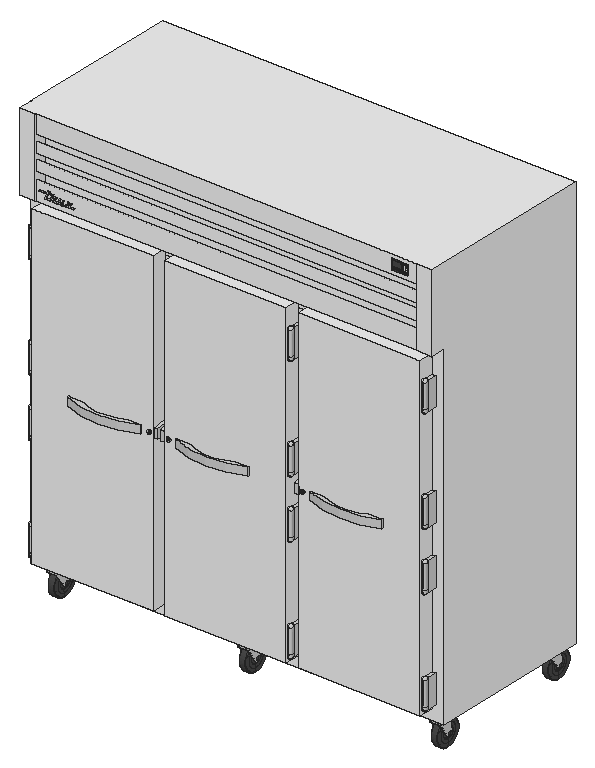
Revit family (continued)
Dimensions and locks (in)
  locked: cut or joined group of Extrusion 1, Extrusion 2, Extrusion 3, Extrusion 4, Extrusion 5 to cut or joined group of Extrusion 1, Extrusion 2, Extrusion 3, Extrusion 4, Extrusion 5 at 2.8125
  locked: cut or joined group of Extrusion 1, Extrusion 2, Extrusion 3, Extrusion 4, Extrusion 5 to cut or joined group of Extrusion 1, Extrusion 2, Extrusion 3, Extrusion 4, Extrusion 5 at 2.96875
  equal spacing: plane 3 "LEFT", plane 9, plane 4 "RIGHT"
  Extrusion 21 to plane 3 "LEFT" = 2 9/32"
  plane 4 "RIGHT" to Extrusion 21 = 2 9/32"
  Extrusion 21 to Extrusion 21 = 22 15/16"  (x3)
  Extrusion 71 to Extrusion 21 = 29 7/32"
  Extrusion 21 to Extrusion 71 = 29 7/32"
  Extrusion 21 to Extrusion 88 = 29 7/32"
  Extrusion 88 to Extrusion 21 = 29 7/32"
  Extrusion 21 to Extrusion 89 = 29 7/32"
  Extrusion 89 to Extrusion 21 = 29 7/32"
  Extrusion 74 to Extrusion 74 = 59.93995"
  aligned and locked: level to plane 2
Automatic sketch dimensions
  Extrusion 3 sketch curve to plane 8 = 0"  (x4)
  Extrusion 3 sketch curve to plane 6 "TOP" = 0"
  plane 8 to Extrusion 3 sketch curve = 2.2042"
  Extrusion 3 sketch curve to Extrusion 3 sketch curve = 0"  (x2)
  Extrusion 3 sketch curve to plane 7 = 0"
  plane 8 to Extrusion 3 sketch curve = 2.7042"
  Extrusion 3 sketch curve to Extrusion 3 sketch curve = 1/2"
  plane 1 "BACK" to Extrusion 3 sketch curve = 2"
  plane 1 "BACK" to Extrusion 3 sketch curve = 0"
  plane 7 to Extrusion 3 sketch curve = 3.86127"
  Extrusion 3 sketch curve to plane 6 "TOP" = 17 5/32"
  Extrusion 3 sketch curve to Extrusion 3 sketch curve = 2 17/32"
  Extrusion 3 sketch curve to Extrusion 3 sketch curve = 2 1/8"
  Extrusion 3 sketch curve to Extrusion 3 sketch curve = 1.27557"  (x2)
  Extrusion 3 sketch curve to Extrusion 3 sketch curve = 0.29169"
  Extrusion 3 sketch curve to Extrusion 3 sketch curve = 2.0962"  (x2)
  Extrusion 3 sketch curve to Extrusion 3 sketch curve = 0.96076"  (x2)
  Extrusion 3 sketch curve to Extrusion 3 sketch curve = 2.13371"  (x2)
  Extrusion 3 sketch curve to Extrusion 3 sketch curve = 1.12227"  (x2)
  Extrusion 7 sketch curve to plane 7 = 0.63926"  (x2)
  Extrusion 7 sketch curve to plane 5 "FRONT" = 3.79864"
  Extrusion 7 sketch curve to Extrusion 7 sketch curve = 1/4"  (x2)
  level to Extrusion 7 sketch curve = 2.18736"  (x2)
  Extrusion 7 sketch curve to Extrusion 7 sketch curve = 1.7492"
  Extrusion 7 sketch curve to Extrusion 7 sketch curve = 0.50669"  (x2)
  Extrusion 7 sketch curve to Extrusion 7 sketch curve = 2 1/2"
  level to Extrusion 7 sketch curve = 2.59003"
  Extrusion 7 sketch curve to Extrusion 7 sketch curve = 0.59966"  (x2)
  plane 1 "BACK" to Extrusion 7 sketch curve = 3.8577"
  plane 1 "BACK" to Extrusion 7 sketch curve = 1.8585"
  plane 1 "BACK" to Extrusion 7 sketch curve = 1.1077"
  Extrusion 7 sketch curve to Extrusion 7 sketch curve = 0.32905"
  Extrusion 7 sketch curve to Extrusion 7 sketch curve = 0.60485"  (x2)
  Extrusion 8 sketch curve to plane 7 = 0.63926"  (x2)
  Extrusion 8 sketch curve to plane 5 "FRONT" = 3.79864"
  Extrusion 8 sketch curve to Extrusion 8 sketch curve = 1/4"  (x2)
  level to Extrusion 8 sketch curve = 2.18736"  (x2)
  Extrusion 8 sketch curve to Extrusion 8 sketch curve = 1.7492"
  Extrusion 8 sketch curve to Extrusion 8 sketch curve = 0.50669"  (x2)
  Extrusion 8 sketch curve to Extrusion 8 sketch curve = 2 1/2"
  level to Extrusion 8 sketch curve = 2.59003"
  Extrusion 8 sketch curve to Extrusion 8 sketch curve = 0.59966"  (x2)
  plane 1 "BACK" to Extrusion 8 sketch curve = 3.8577"
  plane 1 "BACK" to Extrusion 8 sketch curve = 1.8585"
  plane 1 "BACK" to Extrusion 8 sketch curve = 1.1077"
  Extrusion 8 sketch curve to Extrusion 8 sketch curve = 0.32905"
  Extrusion 8 sketch curve to Extrusion 8 sketch curve = 0.60485"  (x2)
  Extrusion 11 sketch curve to plane 7 = 0.63926"  (x2)
  Extrusion 11 sketch curve to plane 5 "FRONT" = 3.79864"
  Extrusion 11 sketch curve to Extrusion 11 sketch curve = 1/4"  (x2)
  Extrusion 11 sketch curve to Extrusion 11 sketch curve = 2 1/2"
  Extrusion 11 sketch curve to plane 7 = 0.93273"  (x2)
  Extrusion 11 sketch curve to Extrusion 11 sketch curve = 0.03603"
  plane 1 "BACK" to Extrusion 11 sketch curve = 3.8577"
  Extrusion 11 sketch curve to plane 7 = 1.24411"
  plane 1 "BACK" to Extrusion 11 sketch curve = 1.1077"
  Extrusion 13 sketch curve to plane 7 = 0.63926"  (x2)
  Extrusion 13 sketch curve to plane 5 "FRONT" = 3.79864"
  Extrusion 13 sketch curve to Extrusion 13 sketch curve = 1/4"  (x2)
  level to Extrusion 13 sketch curve = 2.18736"  (x2)
  Extrusion 13 sketch curve to Extrusion 13 sketch curve = 1.7492"
  Extrusion 13 sketch curve to Extrusion 13 sketch curve = 0.50669"  (x2)
  Extrusion 13 sketch curve to Extrusion 13 sketch curve = 2 1/2"
  level to Extrusion 13 sketch curve = 2.59003"
  Extrusion 13 sketch curve to Extrusion 13 sketch curve = 0.59966"  (x2)
  plane 1 "BACK" to Extrusion 13 sketch curve = 3.8577"
  plane 1 "BACK" to Extrusion 13 sketch curve = 1.8585"
  plane 1 "BACK" to Extrusion 13 sketch curve = 1.1077"
  Extrusion 13 sketch curve to Extrusion 13 sketch curve = 0.32905"
  Extrusion 13 sketch curve to Extrusion 13 sketch curve = 0.60485"  (x2)
  Extrusion 14 sketch curve to plane 7 = 0.63926"  (x2)
  Extrusion 14 sketch curve to plane 5 "FRONT" = 3.79864"
  Extrusion 14 sketch curve to Extrusion 14 sketch curve = 1/4"  (x2)
  level to Extrusion 14 sketch curve = 2.18736"  (x2)
  Extrusion 14 sketch curve to Extrusion 14 sketch curve = 1.7492"
  Extrusion 14 sketch curve to Extrusion 14 sketch curve = 0.50669"  (x2)
  Extrusion 14 sketch curve to Extrusion 14 sketch curve = 2 1/2"
  level to Extrusion 14 sketch curve = 2.59003"
  Extrusion 14 sketch curve to Extrusion 14 sketch curve = 0.59966"  (x2)
  plane 1 "BACK" to Extrusion 14 sketch curve = 3.8577"
  plane 1 "BACK" to Extrusion 14 sketch curve = 1.8585"
  plane 1 "BACK" to Extrusion 14 sketch curve = 1.1077"
  Extrusion 14 sketch curve to Extrusion 14 sketch curve = 0.32905"
  Extrusion 14 sketch curve to Extrusion 14 sketch curve = 0.60485"  (x2)
  Extrusion 17 sketch curve to plane 7 = 0.63926"  (x2)
  Extrusion 17 sketch curve to plane 5 "FRONT" = 3.79864"
  Extrusion 17 sketch curve to Extrusion 17 sketch curve = 1/4"  (x2)
  Extrusion 17 sketch curve to Extrusion 17 sketch curve = 2 1/2"
  Extrusion 17 sketch curve to plane 7 = 0.93273"  (x2)
  Extrusion 17 sketch curve to Extrusion 17 sketch curve = 0.03603"
  plane 1 "BACK" to Extrusion 17 sketch curve = 3.8577"
  Extrusion 17 sketch curve to plane 7 = 1.24411"
  plane 1 "BACK" to Extrusion 17 sketch curve = 1.1077"
  Extrusion 23 sketch curve to plane 5 "FRONT" = 1/2"
  Extrusion 23 sketch curve to Extrusion 23 sketch curve = 0.43503"
  Extrusion 23 sketch curve to Extrusion 23 sketch curve = 0.20453"
  Extrusion 23 sketch curve to Extrusion 23 sketch curve = 1.61044"
  Extrusion 23 sketch curve to plane 6 "TOP" = 24.88873"
  Extrusion 23 sketch curve to Extrusion 23 sketch curve = 0.71221"
  Extrusion 23 sketch curve to Extrusion 23 sketch curve = 4.39928"
  Revolve 24 sketch curve to plane 5 "FRONT" = 0.07771"  (x2)
  Revolve 24 sketch curve to Revolve 24 sketch curve = 0.38242"
  Revolve 24 sketch curve to Revolve 24 sketch curve = 0.38436"
  Revolve 24 sketch curve to plane 5 "FRONT" = 31/64"
  Revolve 24 sketch curve to Revolve 24 sketch curve = 0.40666"
  Revolve 24 sketch curve to Revolve 24 sketch curve = 0"
  Revolve 24 sketch curve to plane 6 "TOP" = 25.07719"
  Revolve 24 sketch curve to Revolve 24 sketch curve = 0.32931"
  Revolve 24 sketch curve to Revolve 24 sketch curve = 0.51246"
  Revolve 24 sketch curve to Revolve 24 sketch curve = 0.05342"
  Revolve 24 sketch curve to Revolve 24 sketch curve = 4.42889"
  Revolve 24 sketch curve to Revolve 24 sketch curve = 0.04281"
  Revolve 24 sketch curve to Revolve 24 sketch curve = 0.18929"
  Revolve 24 sketch curve to Revolve 24 sketch curve = 0.55526"
  Extrusion 26 sketch curve to plane 5 "FRONT" = 1/2"
  Extrusion 26 sketch curve to Extrusion 26 sketch curve = 0.43503"
  Extrusion 26 sketch curve to Extrusion 26 sketch curve = 0.20453"
  Extrusion 26 sketch curve to Extrusion 26 sketch curve = 1.61044"
  plane 7 to Extrusion 26 sketch curve = 33.61127"
  Extrusion 26 sketch curve to Extrusion 26 sketch curve = 0.71221"
  Extrusion 26 sketch curve to Extrusion 26 sketch curve = 4.39928"
  Revolve 27 sketch curve to plane 5 "FRONT" = 0.07771"  (x2)
  Revolve 27 sketch curve to Revolve 27 sketch curve = 0.38242"
  Revolve 27 sketch curve to Revolve 27 sketch curve = 0.38436"
  Revolve 27 sketch curve to plane 5 "FRONT" = 31/64"
  Revolve 27 sketch curve to Revolve 27 sketch curve = 0.40666"
  Revolve 27 sketch curve to Revolve 27 sketch curve = 0"
  plane 7 to Revolve 27 sketch curve = 33.42281"
  Revolve 27 sketch curve to Revolve 27 sketch curve = 0.32931"
  Revolve 27 sketch curve to Revolve 27 sketch curve = 0.51246"
  Revolve 27 sketch curve to Revolve 27 sketch curve = 0.05342"
  Revolve 27 sketch curve to Revolve 27 sketch curve = 4.42889"
  Revolve 27 sketch curve to Revolve 27 sketch curve = 0.04281"
  Revolve 27 sketch curve to Revolve 27 sketch curve = 0.18929"
  Revolve 27 sketch curve to Revolve 27 sketch curve = 0.55526"
  Extrusion 29 sketch curve to plane 5 "FRONT" = 1/2"
  Extrusion 29 sketch curve to Extrusion 29 sketch curve = 0.43503"
  Extrusion 29 sketch curve to Extrusion 29 sketch curve = 0.20453"
  Extrusion 29 sketch curve to Extrusion 29 sketch curve = 1.61044"
  plane 7 to Extrusion 29 sketch curve = 22.61127"
  Extrusion 29 sketch curve to Extrusion 29 sketch curve = 0.71221"
  Extrusion 29 sketch curve to Extrusion 29 sketch curve = 4.39928"
  Revolve 30 sketch curve to plane 5 "FRONT" = 0.07771"  (x2)
  Revolve 30 sketch curve to Revolve 30 sketch curve = 0.38242"
  Revolve 30 sketch curve to Revolve 30 sketch curve = 0.38436"
  Revolve 30 sketch curve to plane 5 "FRONT" = 31/64"
  Revolve 30 sketch curve to Revolve 30 sketch curve = 0.40666"
  Revolve 30 sketch curve to Revolve 30 sketch curve = 0"
  plane 7 to Revolve 30 sketch curve = 22.42281"
  Revolve 30 sketch curve to Revolve 30 sketch curve = 0.32931"
  Revolve 30 sketch curve to Revolve 30 sketch curve = 0.51246"
  Revolve 30 sketch curve to Revolve 30 sketch curve = 0.05342"
  Revolve 30 sketch curve to Revolve 30 sketch curve = 4.42889"
  Revolve 30 sketch curve to Revolve 30 sketch curve = 0.04281"
  Revolve 30 sketch curve to Revolve 30 sketch curve = 0.18929"
  Revolve 30 sketch curve to Revolve 30 sketch curve = 0.55526"
  Extrusion 32 sketch curve to plane 5 "FRONT" = 1/2"
  Extrusion 32 sketch curve to Extrusion 32 sketch curve = 0.43503"
  Extrusion 32 sketch curve to Extrusion 32 sketch curve = 0.20453"
  Extrusion 32 sketch curve to Extrusion 32 sketch curve = 1.61044"
  plane 7 to Extrusion 32 sketch curve = 2.86127"
  Extrusion 32 sketch curve to Extrusion 32 sketch curve = 0.71221"
  Extrusion 32 sketch curve to Extrusion 32 sketch curve = 4.39928"
  Revolve 33 sketch curve to plane 5 "FRONT" = 0.07771"  (x2)
  Revolve 33 sketch curve to Revolve 33 sketch curve = 0.38242"
  Revolve 33 sketch curve to Revolve 33 sketch curve = 0.38436"
  Revolve 33 sketch curve to plane 5 "FRONT" = 31/64"
  Revolve 33 sketch curve to Revolve 33 sketch curve = 0.40666"
  Revolve 33 sketch curve to Revolve 33 sketch curve = 0"
  plane 7 to Revolve 33 sketch curve = 2.67281"
  Revolve 33 sketch curve to Revolve 33 sketch curve = 0.32931"
  Revolve 33 sketch curve to Revolve 33 sketch curve = 0.51246"
  Revolve 33 sketch curve to Revolve 33 sketch curve = 0.05342"
  Revolve 33 sketch curve to Revolve 33 sketch curve = 4.42889"
  Revolve 33 sketch curve to Revolve 33 sketch curve = 0.04281"
  Revolve 33 sketch curve to Revolve 33 sketch curve = 0.18929"
  Revolve 33 sketch curve to Revolve 33 sketch curve = 0.55526"
  Extrusion 35 sketch curve to plane 5 "FRONT" = 1/2"
  Extrusion 35 sketch curve to Extrusion 35 sketch curve = 0.43503"
  Extrusion 35 sketch curve to Extrusion 35 sketch curve = 0.20453"
  Extrusion 35 sketch curve to Extrusion 35 sketch curve = 1.61044"
  Extrusion 35 sketch curve to plane 6 "TOP" = 19.57271"
  Extrusion 35 sketch curve to Extrusion 35 sketch curve = 4.39928"
  Extrusion 35 sketch curve to Extrusion 35 sketch curve = 0.71221"
  Revolve 36 sketch curve to plane 5 "FRONT" = 0.07771"  (x2)
  Revolve 36 sketch curve to Revolve 36 sketch curve = 0.38242"
  Revolve 36 sketch curve to Revolve 36 sketch curve = 0.38436"
  Revolve 36 sketch curve to plane 5 "FRONT" = 31/64"
  Revolve 36 sketch curve to Revolve 36 sketch curve = 0.40666"
  Revolve 36 sketch curve to Revolve 36 sketch curve = 0"
  Revolve 36 sketch curve to plane 6 "TOP" = 18.75492"
  Revolve 36 sketch curve to Revolve 36 sketch curve = 0.55526"
  Revolve 36 sketch curve to Revolve 36 sketch curve = 0.19474"
  Revolve 36 sketch curve to Revolve 36 sketch curve = 0.14649"
  Revolve 36 sketch curve to Revolve 36 sketch curve = 4.42889"
  Revolve 36 sketch curve to Revolve 36 sketch curve = 0.05342"
  Revolve 36 sketch curve to Revolve 36 sketch curve = 0.51246"
  Revolve 36 sketch curve to Revolve 36 sketch curve = 0.05889"
  plane 9 to Extrusion 37 sketch curve = 11.71009"
  Extrusion 37 sketch curve to Extrusion 37 sketch curve = 0.39759"
  Extrusion 37 sketch curve to plane 6 "TOP" = 19.6514"
  Extrusion 37 sketch curve to Extrusion 37 sketch curve = 4.47281"
  Extrusion 38 sketch curve to plane 5 "FRONT" = 1/2"
  Extrusion 38 sketch curve to Extrusion 38 sketch curve = 0.43503"
  Extrusion 38 sketch curve to Extrusion 38 sketch curve = 0.20453"
  Extrusion 38 sketch curve to Extrusion 38 sketch curve = 1.61044"
  plane 7 to Extrusion 38 sketch curve = 38.92729"
  Extrusion 38 sketch curve to Extrusion 38 sketch curve = 4.39928"
  Extrusion 38 sketch curve to Extrusion 38 sketch curve = 0.71221"
  Revolve 39 sketch curve to plane 5 "FRONT" = 0.07771"  (x2)
  Revolve 39 sketch curve to Revolve 39 sketch curve = 0.38242"
  Revolve 39 sketch curve to Revolve 39 sketch curve = 0.38436"
  Revolve 39 sketch curve to plane 5 "FRONT" = 31/64"
  Revolve 39 sketch curve to Revolve 39 sketch curve = 0.40666"
  Revolve 39 sketch curve to Revolve 39 sketch curve = 0"
  Revolve 39 sketch curve to plane 6 "TOP" = 38.25492"
  Revolve 39 sketch curve to Revolve 39 sketch curve = 0.55526"
  Revolve 39 sketch curve to Revolve 39 sketch curve = 0.19474"
  Revolve 39 sketch curve to Revolve 39 sketch curve = 0.14649"
  Revolve 39 sketch curve to Revolve 39 sketch curve = 4.42889"
  Revolve 39 sketch curve to Revolve 39 sketch curve = 0.05342"
  Revolve 39 sketch curve to Revolve 39 sketch curve = 0.51246"
  Revolve 39 sketch curve to Revolve 39 sketch curve = 0.05889"
  plane 9 to Extrusion 40 sketch curve = 11.71009"
  Extrusion 40 sketch curve to Extrusion 40 sketch curve = 0.39759"
  plane 7 to Extrusion 40 sketch curve = 38.8486"
  Extrusion 40 sketch curve to Extrusion 40 sketch curve = 4.47281"
  Extrusion 41 sketch curve to plane 5 "FRONT" = 1/2"
  Extrusion 41 sketch curve to Extrusion 41 sketch curve = 0.43503"
  Extrusion 41 sketch curve to Extrusion 41 sketch curve = 0.20453"
  Extrusion 41 sketch curve to Extrusion 41 sketch curve = 1.61044"
  plane 7 to Extrusion 41 sketch curve = 27.92729"
  Extrusion 41 sketch curve to Extrusion 41 sketch curve = 4.39928"
  Extrusion 41 sketch curve to Extrusion 41 sketch curve = 0.71221"
  Revolve 42 sketch curve to plane 5 "FRONT" = 0.07771"  (x2)
  Revolve 42 sketch curve to Revolve 42 sketch curve = 0.38242"
  Revolve 42 sketch curve to Revolve 42 sketch curve = 0.38436"
  Revolve 42 sketch curve to plane 5 "FRONT" = 31/64"
  Revolve 42 sketch curve to Revolve 42 sketch curve = 0.40666"
  Revolve 42 sketch curve to Revolve 42 sketch curve = 0"
  plane 7 to Revolve 42 sketch curve = 28.74508"
  Revolve 42 sketch curve to Revolve 42 sketch curve = 0.55526"
  Revolve 42 sketch curve to Revolve 42 sketch curve = 0.19474"
  Revolve 42 sketch curve to Revolve 42 sketch curve = 0.14649"
  Revolve 42 sketch curve to Revolve 42 sketch curve = 4.42889"
  Revolve 42 sketch curve to Revolve 42 sketch curve = 0.05342"
  Revolve 42 sketch curve to Revolve 42 sketch curve = 0.51246"
  Revolve 42 sketch curve to Revolve 42 sketch curve = 0.05889"
  plane 9 to Extrusion 43 sketch curve = 11.71009"
  Extrusion 43 sketch curve to Extrusion 43 sketch curve = 0.39759"
  plane 7 to Extrusion 43 sketch curve = 27.8486"
  Extrusion 43 sketch curve to Extrusion 43 sketch curve = 4.47281"
  Extrusion 44 sketch curve to plane 5 "FRONT" = 1/2"
  Extrusion 44 sketch curve to Extrusion 44 sketch curve = 0.43503"
  Extrusion 44 sketch curve to Extrusion 44 sketch curve = 0.20453"
  Extrusion 44 sketch curve to Extrusion 44 sketch curve = 1.61044"
  plane 7 to Extrusion 44 sketch curve = 8.17729"
  plane 7 to Extrusion 44 sketch curve = 3.57348"
  Extrusion 44 sketch curve to Extrusion 44 sketch curve = 0.71221"
  Revolve 45 sketch curve to plane 5 "FRONT" = 0.07771"  (x2)
  Revolve 45 sketch curve to Revolve 45 sketch curve = 0.38242"
  Revolve 45 sketch curve to Revolve 45 sketch curve = 0.38436"
  Revolve 45 sketch curve to plane 5 "FRONT" = 31/64"
  Revolve 45 sketch curve to Revolve 45 sketch curve = 0.40666"
  Revolve 45 sketch curve to Revolve 45 sketch curve = 0"
  plane 7 to Revolve 45 sketch curve = 8.99508"
  Revolve 45 sketch curve to Revolve 45 sketch curve = 0.55526"
  Revolve 45 sketch curve to Revolve 45 sketch curve = 0.19474"
  Revolve 45 sketch curve to Revolve 45 sketch curve = 0.14649"
  plane 7 to Revolve 45 sketch curve = 3.62689"
  Revolve 45 sketch curve to Revolve 45 sketch curve = 0.05342"
  Revolve 45 sketch curve to Revolve 45 sketch curve = 0.51246"
  Revolve 45 sketch curve to Revolve 45 sketch curve = 0.05889"
  plane 7 to Extrusion 46 sketch curve = 3.62579"
  plane 9 to Extrusion 46 sketch curve = 11.71009"
  Extrusion 46 sketch curve to Extrusion 46 sketch curve = 0.39759"
  Extrusion 46 sketch curve to Extrusion 46 sketch curve = 4.47281"
  Extrusion 57 sketch curve to plane 5 "FRONT" = 2 3/4"  (x2)
  Extrusion 57 sketch curve to Extrusion 57 sketch curve = 1"  (x2)
  plane 9 to Extrusion 57 sketch curve = 14 21/32"
  Extrusion 57 sketch curve to Extrusion 57 sketch curve = 4 1/32"  (x2)
  Extrusion 57 sketch curve to plane 9 = 10 5/8"
  Extrusion 58 sketch curve to plane 5 "FRONT" = 1/2"
  Extrusion 58 sketch curve to Extrusion 58 sketch curve = 0.43503"
  Extrusion 58 sketch curve to Extrusion 58 sketch curve = 0.20453"
  Extrusion 58 sketch curve to Extrusion 58 sketch curve = 1.61044"
  Extrusion 58 sketch curve to plane 6 "TOP" = 19.57271"
  Extrusion 58 sketch curve to Extrusion 58 sketch curve = 4.39928"
  Extrusion 58 sketch curve to Extrusion 58 sketch curve = 0.71221"
  Revolve 59 sketch curve to plane 5 "FRONT" = 0.07771"  (x2)
  Revolve 59 sketch curve to Revolve 59 sketch curve = 0.38242"
  Revolve 59 sketch curve to Revolve 59 sketch curve = 0.38436"
  Revolve 59 sketch curve to plane 5 "FRONT" = 31/64"
  Revolve 59 sketch curve to Revolve 59 sketch curve = 0.40666"
  Revolve 59 sketch curve to Revolve 59 sketch curve = 0"
  Revolve 59 sketch curve to plane 6 "TOP" = 18.75492"
  Revolve 59 sketch curve to Revolve 59 sketch curve = 0.55526"
  Revolve 59 sketch curve to Revolve 59 sketch curve = 0.19474"
  Revolve 59 sketch curve to Revolve 59 sketch curve = 0.14649"
  Revolve 59 sketch curve to Revolve 59 sketch curve = 4.42889"
  Revolve 59 sketch curve to Revolve 59 sketch curve = 0.05342"
  Revolve 59 sketch curve to Revolve 59 sketch curve = 0.51246"
  Revolve 59 sketch curve to Revolve 59 sketch curve = 0.05889"
  Extrusion 61 sketch curve to plane 5 "FRONT" = 1/2"
  Extrusion 61 sketch curve to Extrusion 61 sketch curve = 0.43503"
  Extrusion 61 sketch curve to Extrusion 61 sketch curve = 0.20453"
  Extrusion 61 sketch curve to Extrusion 61 sketch curve = 1.61044"
  plane 7 to Extrusion 61 sketch curve = 38.92729"
  Extrusion 61 sketch curve to Extrusion 61 sketch curve = 4.39928"
  Extrusion 61 sketch curve to Extrusion 61 sketch curve = 0.71221"
  Revolve 62 sketch curve to plane 5 "FRONT" = 0.07771"  (x2)
  Revolve 62 sketch curve to Revolve 62 sketch curve = 0.38242"
  Revolve 62 sketch curve to Revolve 62 sketch curve = 0.38436"
  Revolve 62 sketch curve to plane 5 "FRONT" = 31/64"
  Revolve 62 sketch curve to Revolve 62 sketch curve = 0.40666"
  Revolve 62 sketch curve to Revolve 62 sketch curve = 0"
  Revolve 62 sketch curve to plane 6 "TOP" = 38.25492"
  Revolve 62 sketch curve to Revolve 62 sketch curve = 0.55526"
  Revolve 62 sketch curve to Revolve 62 sketch curve = 0.19474"
  Revolve 62 sketch curve to Revolve 62 sketch curve = 0.14649"
  Revolve 62 sketch curve to Revolve 62 sketch curve = 4.42889"
  Revolve 62 sketch curve to Revolve 62 sketch curve = 0.05342"
  Revolve 62 sketch curve to Revolve 62 sketch curve = 0.51246"
  Revolve 62 sketch curve to Revolve 62 sketch curve = 0.05889"
  Extrusion 64 sketch curve to plane 5 "FRONT" = 1/2"
  Extrusion 64 sketch curve to Extrusion 64 sketch curve = 0.43503"
  Extrusion 64 sketch curve to Extrusion 64 sketch curve = 0.20453"
  Extrusion 64 sketch curve to Extrusion 64 sketch curve = 1.61044"
  plane 7 to Extrusion 64 sketch curve = 27.92729"
  Extrusion 64 sketch curve to Extrusion 64 sketch curve = 4.39928"
  Extrusion 64 sketch curve to Extrusion 64 sketch curve = 0.71221"
  Revolve 65 sketch curve to plane 5 "FRONT" = 0.07771"  (x2)
  Revolve 65 sketch curve to Revolve 65 sketch curve = 0.38242"
  Revolve 65 sketch curve to Revolve 65 sketch curve = 0.38436"
  Revolve 65 sketch curve to plane 5 "FRONT" = 31/64"
  Revolve 65 sketch curve to Revolve 65 sketch curve = 0.40666"
  Revolve 65 sketch curve to Revolve 65 sketch curve = 0"
  plane 7 to Revolve 65 sketch curve = 28.74508"
  Revolve 65 sketch curve to Revolve 65 sketch curve = 0.55526"
  Revolve 65 sketch curve to Revolve 65 sketch curve = 0.19474"
  Revolve 65 sketch curve to Revolve 65 sketch curve = 0.14649"
  Revolve 65 sketch curve to Revolve 65 sketch curve = 4.42889"
  Revolve 65 sketch curve to Revolve 65 sketch curve = 0.05342"
  Revolve 65 sketch curve to Revolve 65 sketch curve = 0.51246"
  Revolve 65 sketch curve to Revolve 65 sketch curve = 0.05889"
  Extrusion 67 sketch curve to plane 5 "FRONT" = 1/2"
  Extrusion 67 sketch curve to Extrusion 67 sketch curve = 0.43503"
  Extrusion 67 sketch curve to Extrusion 67 sketch curve = 0.20453"
  Extrusion 67 sketch curve to Extrusion 67 sketch curve = 1.61044"
  plane 7 to Extrusion 67 sketch curve = 8.17729"
  plane 7 to Extrusion 67 sketch curve = 3.57348"
  Extrusion 67 sketch curve to Extrusion 67 sketch curve = 0.71221"
  Revolve 68 sketch curve to plane 5 "FRONT" = 0.07771"  (x2)
  Revolve 68 sketch curve to Revolve 68 sketch curve = 0.38242"
  Revolve 68 sketch curve to Revolve 68 sketch curve = 0.38436"
  Revolve 68 sketch curve to plane 5 "FRONT" = 31/64"
  Revolve 68 sketch curve to Revolve 68 sketch curve = 0.40666"
  Revolve 68 sketch curve to Revolve 68 sketch curve = 0"
  plane 7 to Revolve 68 sketch curve = 8.99508"
  Revolve 68 sketch curve to Revolve 68 sketch curve = 0.55526"
  Revolve 68 sketch curve to Revolve 68 sketch curve = 0.19474"
  Revolve 68 sketch curve to Revolve 68 sketch curve = 0.14649"
  plane 7 to Revolve 68 sketch curve = 3.62689"
  Revolve 68 sketch curve to Revolve 68 sketch curve = 0.05342"
  Revolve 68 sketch curve to Revolve 68 sketch curve = 0.51246"
  Revolve 68 sketch curve to Revolve 68 sketch curve = 0.05889"
  Extrusion 70 sketch curve to plane 9 = 14 121/256"
  Extrusion 70 sketch curve to Extrusion 70 sketch curve = 9/256"
  Extrusion 70 sketch curve to Extrusion 70 sketch curve = 0.0555"  (x2)
  Extrusion 70 sketch curve to Extrusion 70 sketch curve = 3.58431"
  Extrusion 70 sketch curve to Extrusion 70 sketch curve = 0.02035"
  plane 7 to Extrusion 70 sketch curve = 31.64395"
  Extrusion 70 sketch curve to Extrusion 70 sketch curve = 0"
  Extrusion 70 sketch curve to Extrusion 70 sketch curve = 0.29355"  (x2)
  Extrusion 70 sketch curve to Extrusion 70 sketch curve = 0.27385"  (x2)
  Blend 72 sketch curve to plane 9 = 13 21/32"  (x2)
  Blend 72 sketch curve to Blend 72 sketch curve = 3/4"
  plane 7 to Blend 72 sketch curve = 31.11669"
  Blend 72 sketch curve to Blend 72 sketch curve = 1 3/4"
  Blend 72 sketch curve to Blend 72 sketch curve = 0.93223"
  plane 7 to Blend 72 sketch curve = 30.5191"
  Blend 72 sketch curve to Blend 72 sketch curve = 2.78233"
  Blend 73 sketch curve to plane 9 = 11 5/8"
  Blend 73 sketch curve to Blend 73 sketch curve = 3/4"
  plane 7 to Blend 73 sketch curve = 32.86669"
  Blend 73 sketch curve to Blend 73 sketch curve = 1 3/4"
  plane 9 to Blend 73 sketch curve = 11 5/8"
  Blend 73 sketch curve to Blend 73 sketch curve = 0.93223"
  Blend 73 sketch curve to plane 7 = 30.5191"
  Blend 73 sketch curve to Blend 73 sketch curve = 2.78233"
  plane 9 to Extrusion 75 sketch curve = 14.4484"
  Extrusion 75 sketch curve to Extrusion 75 sketch curve = 0.02035"
  Extrusion 75 sketch curve to Extrusion 75 sketch curve = 0.0555"
  plane 7 to Extrusion 75 sketch curve = 31.64395"
  Extrusion 75 sketch curve to Extrusion 75 sketch curve = 0.29355"
  Extrusion 75 sketch curve to Extrusion 75 sketch curve = 0.27385"
  plane 9 to Blend 76 sketch curve = 13 21/32"
  Blend 76 sketch curve to Blend 76 sketch curve = 3/4"
  plane 7 to Blend 76 sketch curve = 32.86669"
  Blend 76 sketch curve to Blend 76 sketch curve = 1 3/4"
  Blend 76 sketch curve to plane 9 = 13 21/32"
  Blend 76 sketch curve to Blend 76 sketch curve = 0.93223"
  Blend 76 sketch curve to plane 7 = 30.5191"
  Blend 76 sketch curve to Blend 76 sketch curve = 2.78233"
  Extrusion 77 sketch curve to plane 7 = 0.63926"  (x2)
  Extrusion 77 sketch curve to plane 5 "FRONT" = 3.79864"
  Extrusion 77 sketch curve to Extrusion 77 sketch curve = 1/4"  (x2)
  level to Extrusion 77 sketch curve = 2.18736"  (x2)
  Extrusion 77 sketch curve to Extrusion 77 sketch curve = 1.7492"
  Extrusion 77 sketch curve to Extrusion 77 sketch curve = 0.50669"  (x2)
  Extrusion 77 sketch curve to Extrusion 77 sketch curve = 2 1/2"
  level to Extrusion 77 sketch curve = 2.59003"
  Extrusion 77 sketch curve to Extrusion 77 sketch curve = 0.59966"  (x2)
  plane 1 "BACK" to Extrusion 77 sketch curve = 3.8577"
  plane 1 "BACK" to Extrusion 77 sketch curve = 1.8585"
  plane 1 "BACK" to Extrusion 77 sketch curve = 1.1077"
  Extrusion 77 sketch curve to Extrusion 77 sketch curve = 0.32905"
  Extrusion 77 sketch curve to Extrusion 77 sketch curve = 0.60485"  (x2)
  Extrusion 78 sketch curve to plane 7 = 0.63926"  (x2)
  Extrusion 78 sketch curve to plane 5 "FRONT" = 3.79864"
  Extrusion 78 sketch curve to Extrusion 78 sketch curve = 1/4"  (x2)
  level to Extrusion 78 sketch curve = 2.18736"  (x2)
  Extrusion 78 sketch curve to Extrusion 78 sketch curve = 1.7492"
  Extrusion 78 sketch curve to Extrusion 78 sketch curve = 0.50669"  (x2)
  Extrusion 78 sketch curve to Extrusion 78 sketch curve = 2 1/2"
  level to Extrusion 78 sketch curve = 2.59003"
  Extrusion 78 sketch curve to Extrusion 78 sketch curve = 0.59966"  (x2)
  plane 1 "BACK" to Extrusion 78 sketch curve = 3.8577"
  plane 1 "BACK" to Extrusion 78 sketch curve = 1.8585"
  plane 1 "BACK" to Extrusion 78 sketch curve = 1.1077"
  Extrusion 78 sketch curve to Extrusion 78 sketch curve = 0.32905"
  Extrusion 78 sketch curve to Extrusion 78 sketch curve = 0.60485"  (x2)
  Revolve 79 sketch curve to level = 0"
  Revolve 79 sketch curve to plane 9 = 0"  (x2)
  Revolve 79 sketch curve to Revolve 79 sketch curve = 1/2"
  Revolve 79 sketch curve to Revolve 79 sketch curve = 1/4"
  Revolve 79 sketch curve to plane 7 = 0"
  Revolve 79 sketch curve to Revolve 79 sketch curve = 1.33338"
  level to Revolve 79 sketch curve = 1"
  Revolve 79 sketch curve to Revolve 79 sketch curve = 5/8"
  plane 7 to Revolve 79 sketch curve = 1 25/32"
  Revolve 80 sketch curve to plane 9 = 0"  (x2)
  Revolve 80 sketch curve to plane 7 = 0.62954"
  Revolve 80 sketch curve to Revolve 80 sketch curve = 1.29707"
  Revolve 80 sketch curve to Revolve 80 sketch curve = 0.10278"
  Revolve 80 sketch curve to plane 7 = 0.00141"
  plane 7 to Revolve 80 sketch curve = 0.26768"
  Extrusion 81 sketch curve to plane 7 = 0.63926"  (x2)
  Extrusion 81 sketch curve to plane 5 "FRONT" = 3.79864"
  Extrusion 81 sketch curve to Extrusion 81 sketch curve = 1/4"  (x2)
  Extrusion 81 sketch curve to Extrusion 81 sketch curve = 2 1/2"
  Extrusion 81 sketch curve to plane 7 = 0.93273"  (x2)
  Extrusion 81 sketch curve to Extrusion 81 sketch curve = 0.03603"
  plane 1 "BACK" to Extrusion 81 sketch curve = 3.8577"
  Extrusion 81 sketch curve to plane 7 = 1.24411"
  plane 1 "BACK" to Extrusion 81 sketch curve = 1.1077"
  Revolve 82 sketch curve to plane 9 = 1.50773"
  Revolve 82 sketch curve to Revolve 82 sketch curve = 0.48273"
  Revolve 82 sketch curve to plane 9 = 5/8"  (x2)
  Revolve 82 sketch curve to Revolve 82 sketch curve = 0.1"  (x2)
  Revolve 82 sketch curve to Revolve 82 sketch curve = 0.16101"
  plane 9 to Revolve 82 sketch curve = 0.12908"
  plane 9 to Revolve 82 sketch curve = 0.46399"
  plane 9 to Revolve 82 sketch curve = 0.525"
  Revolve 82 sketch curve to Revolve 82 sketch curve = 1/2"
  Revolve 82 sketch curve to Revolve 82 sketch curve = 0.16509"
  Revolve 82 sketch curve to Revolve 82 sketch curve = 0.39592"
  level to Revolve 82 sketch curve = 2 1/2"
  Revolve 82 sketch curve to Revolve 82 sketch curve = 0"
  Revolve 82 sketch curve to Revolve 82 sketch curve = 0.29941"  (x2)
  Revolve 82 sketch curve to Revolve 82 sketch curve = 3/4"  (x4)
  Revolve 82 sketch curve to Revolve 82 sketch curve = 0.59652"
  Revolve 82 sketch curve to Revolve 82 sketch curve = 0.60059"
  Extrusion 83 sketch curve to plane 9 = 0"
  plane 1 "BACK" to Extrusion 83 sketch curve = 2.69102"
  Revolve 84 sketch curve to plane 9 = 1.50773"
  Revolve 84 sketch curve to Revolve 84 sketch curve = 0.48273"
  Revolve 84 sketch curve to plane 9 = 5/8"  (x2)
  Revolve 84 sketch curve to Revolve 84 sketch curve = 0.1"  (x2)
  Revolve 84 sketch curve to Revolve 84 sketch curve = 0.16101"
  plane 9 to Revolve 84 sketch curve = 0.12908"
  plane 9 to Revolve 84 sketch curve = 0.46399"
  plane 9 to Revolve 84 sketch curve = 0.525"
  Revolve 84 sketch curve to Revolve 84 sketch curve = 1/2"
  Revolve 84 sketch curve to Revolve 84 sketch curve = 0.16509"
  Revolve 84 sketch curve to Revolve 84 sketch curve = 0.39592"
  level to Revolve 84 sketch curve = 2 1/2"
  Revolve 84 sketch curve to Revolve 84 sketch curve = 0"
  Revolve 84 sketch curve to Revolve 84 sketch curve = 0.29941"  (x2)
  Revolve 84 sketch curve to Revolve 84 sketch curve = 3/4"  (x4)
  Revolve 84 sketch curve to Revolve 84 sketch curve = 0.59652"
  Revolve 84 sketch curve to Revolve 84 sketch curve = 0.60059"
  Revolve 85 sketch curve to plane 9 = 0"  (x2)
  Revolve 85 sketch curve to plane 7 = 0.62954"
  Revolve 85 sketch curve to Revolve 85 sketch curve = 1.29707"
  Revolve 85 sketch curve to Revolve 85 sketch curve = 0.10278"
  Revolve 85 sketch curve to plane 7 = 0.00141"
  plane 7 to Revolve 85 sketch curve = 0.26768"
  Revolve 86 sketch curve to level = 0"
  Revolve 86 sketch curve to plane 9 = 0"  (x2)
  Revolve 86 sketch curve to Revolve 86 sketch curve = 1/2"
  Revolve 86 sketch curve to Revolve 86 sketch curve = 1/4"
  Revolve 86 sketch curve to plane 7 = 0"
  Revolve 86 sketch curve to Revolve 86 sketch curve = 1.33338"
  level to Revolve 86 sketch curve = 1"
  Revolve 86 sketch curve to Revolve 86 sketch curve = 5/8"
  plane 7 to Revolve 86 sketch curve = 1 25/32"
  Extrusion 87 sketch curve to plane 9 = 0"
  Extrusion 87 sketch curve to plane 5 "FRONT" = 5.09023"
  plane 5 "FRONT" to Extrusion 88 sketch curve = 0"  (x2)
  Extrusion 88 sketch curve to plane 9 = 9.26875"
  Extrusion 88 sketch curve to Extrusion 88 sketch curve = 2.4"  (x2)
  Extrusion 88 sketch curve to plane 9 = 2 15/32"  (x2)
  plane 5 "FRONT" to Extrusion 88 sketch curve = 0.2"
  Extrusion 88 sketch curve to plane 5 "FRONT" = 7.77899"
  Extrusion 88 sketch curve to Extrusion 88 sketch curve = 7.30945"
  plane 5 "FRONT" to Extrusion 89 sketch curve = 0"  (x2)
  plane 9 to Extrusion 89 sketch curve = 15.93438"
  Extrusion 89 sketch curve to Extrusion 89 sketch curve = 2.4"  (x2)
  Extrusion 89 sketch curve to Extrusion 89 sketch curve = 4.4"
  Extrusion 89 sketch curve to Extrusion 89 sketch curve = 0"
  plane 5 "FRONT" to Extrusion 89 sketch curve = 0.2"
  Extrusion 89 sketch curve to plane 5 "FRONT" = 7.77899"
  Extrusion 89 sketch curve to Extrusion 89 sketch curve = 7.30945"
  Extrusion 1 sketch curve to plane 3 "LEFT" = 0"
  plane 1 "BACK" to Extrusion 1 sketch curve = 0"
  Extrusion 1 sketch curve to Extrusion 1 sketch curve = 2 1/4"
  Extrusion 1 sketch curve to plane 5 "FRONT" = 2 3/4"
  plane 1 "BACK" to Extrusion 2 sketch curve = 0"
  Extrusion 2 sketch curve to plane 4 "RIGHT" = 0"
  Extrusion 2 sketch curve to plane 4 "RIGHT" = 2 1/4"
  Extrusion 2 sketch curve to plane 5 "FRONT" = 2 3/4"
  plane 5 "FRONT" to Extrusion 4 sketch curve = 0"
  Extrusion 4 sketch curve to plane 4 "RIGHT" = 2.96468"
  plane 4 "RIGHT" to Extrusion 4 sketch curve = 0.00407"
  Extrusion 4 sketch curve to plane 5 "FRONT" = 2 3/4"
  plane 5 "FRONT" to Extrusion 5 sketch curve = 0"
  plane 3 "LEFT" to Extrusion 5 sketch curve = 0.11609"
  Extrusion 5 sketch curve to Extrusion 5 sketch curve = 2 13/16"
  Extrusion 5 sketch curve to plane 5 "FRONT" = 2 3/4"
  Extrusion 6 sketch curve to plane 4 "RIGHT" = 3 3/32"
  Extrusion 6 sketch curve to plane 6 "TOP" = 2 1/8"
  Revolve 9 sketch curve to level = 0"
  Revolve 9 sketch curve to plane 7 = 0"
  Revolve 9 sketch curve to plane 4 "RIGHT" = 4.02088"
  level to Revolve 9 sketch curve = 1"
  Revolve 9 sketch curve to plane 4 "RIGHT" = 3 7/16"
  Revolve 9 sketch curve to Revolve 9 sketch curve = 1/4"
  Revolve 9 sketch curve to Revolve 9 sketch curve = 1/2"
  Revolve 9 sketch curve to Revolve 9 sketch curve = 0"
  Revolve 9 sketch curve to Revolve 9 sketch curve = 5/8"
  plane 7 to Revolve 9 sketch curve = 1 25/32"
  Revolve 10 sketch curve to plane 7 = 0.62954"
  Revolve 10 sketch curve to plane 4 "RIGHT" = 3.98457"
  Revolve 10 sketch curve to Revolve 10 sketch curve = 1.29707"
  Revolve 10 sketch curve to Revolve 10 sketch curve = 0"
  Revolve 10 sketch curve to Revolve 10 sketch curve = 0.10278"
  Revolve 10 sketch curve to plane 7 = 0.00141"
  plane 7 to Revolve 10 sketch curve = 0.26768"
  Revolve 12 sketch curve to plane 4 "RIGHT" = 4.19523"
  Revolve 12 sketch curve to Revolve 12 sketch curve = 0.48273"
  Revolve 12 sketch curve to Revolve 12 sketch curve = 0.4"
  Revolve 12 sketch curve to Revolve 12 sketch curve = 0"  (x2)
  Revolve 12 sketch curve to Revolve 12 sketch curve = 0.1"  (x2)
  Revolve 12 sketch curve to Revolve 12 sketch curve = 0.16101"
  Revolve 12 sketch curve to Revolve 12 sketch curve = 0.75408"
  Revolve 12 sketch curve to Revolve 12 sketch curve = 0.92798"
  Revolve 12 sketch curve to Revolve 12 sketch curve = 0.06101"
  Revolve 12 sketch curve to Revolve 12 sketch curve = 1/2"
  Revolve 12 sketch curve to Revolve 12 sketch curve = 0.16509"
  Revolve 12 sketch curve to Revolve 12 sketch curve = 0.39592"
  level to Revolve 12 sketch curve = 2 1/2"
  Revolve 12 sketch curve to Revolve 12 sketch curve = 0.29941"  (x2)
  Revolve 12 sketch curve to Revolve 12 sketch curve = 3/4"  (x4)
  Revolve 12 sketch curve to Revolve 12 sketch curve = 0.59652"
  Revolve 12 sketch curve to Revolve 12 sketch curve = 0.60059"
  Revolve 15 sketch curve to level = 0"
  Revolve 15 sketch curve to plane 7 = 0"
  plane 3 "LEFT" to Revolve 15 sketch curve = 1.51037"
  level to Revolve 15 sketch curve = 1"
  plane 3 "LEFT" to Revolve 15 sketch curve = 2 3/32"
  Revolve 15 sketch curve to Revolve 15 sketch curve = 1/4"
  Revolve 15 sketch curve to Revolve 15 sketch curve = 1/2"
  Revolve 15 sketch curve to Revolve 15 sketch curve = 0"
  Revolve 15 sketch curve to Revolve 15 sketch curve = 5/8"
  plane 7 to Revolve 15 sketch curve = 1 25/32"
  Revolve 16 sketch curve to plane 7 = 0.62954"
  plane 3 "LEFT" to Revolve 16 sketch curve = 1.54668"
  Revolve 16 sketch curve to Revolve 16 sketch curve = 1.29707"
  Revolve 16 sketch curve to Revolve 16 sketch curve = 0"
  Revolve 16 sketch curve to Revolve 16 sketch curve = 0.10278"
  Revolve 16 sketch curve to plane 7 = 0.00141"
  plane 7 to Revolve 16 sketch curve = 0.26768"
  plane 3 "LEFT" to Revolve 18 sketch curve = 1.33602"
  Revolve 18 sketch curve to Revolve 18 sketch curve = 0.48273"
  Revolve 18 sketch curve to Revolve 18 sketch curve = 0.4"
  Revolve 18 sketch curve to Revolve 18 sketch curve = 0"  (x2)
  Revolve 18 sketch curve to Revolve 18 sketch curve = 0.1"  (x2)
  Revolve 18 sketch curve to Revolve 18 sketch curve = 0.16101"
  Revolve 18 sketch curve to Revolve 18 sketch curve = 0.75408"
  Revolve 18 sketch curve to Revolve 18 sketch curve = 0.92798"
  Revolve 18 sketch curve to Revolve 18 sketch curve = 0.06101"
  Revolve 18 sketch curve to Revolve 18 sketch curve = 1/2"
  Revolve 18 sketch curve to Revolve 18 sketch curve = 0.16509"
  Revolve 18 sketch curve to Revolve 18 sketch curve = 0.39592"
  level to Revolve 18 sketch curve = 2 1/2"
  Revolve 18 sketch curve to Revolve 18 sketch curve = 0.29941"  (x2)
  Revolve 18 sketch curve to Revolve 18 sketch curve = 3/4"  (x4)
  Revolve 18 sketch curve to Revolve 18 sketch curve = 0.59652"
  Revolve 18 sketch curve to Revolve 18 sketch curve = 0.60059"
  plane 3 "LEFT" to Extrusion 19 sketch curve = 2 27/32"
  plane 1 "BACK" to Extrusion 19 sketch curve = 2.69102"
  Extrusion 20 sketch curve to plane 4 "RIGHT" = 2 11/16"
  plane 1 "BACK" to Extrusion 20 sketch curve = 2.69102"
  plane 7 to Extrusion 21 sketch curve = 1 29/32"  (x3)
  Extrusion 21 sketch curve to Extrusion 21 sketch curve = 2 1/16"
  Extrusion 21 sketch curve to plane 6 "TOP" = 16 5/32"  (x2)
  Extrusion 21 sketch curve to Extrusion 21 sketch curve = 0"
  plane 3 "LEFT" to Extrusion 22 sketch curve = 3.68957"
  Extrusion 22 sketch curve to Extrusion 22 sketch curve = 0.10565"  (x5)
  Extrusion 22 sketch curve to Extrusion 22 sketch curve = 1.03891"
  Extrusion 22 sketch curve to Extrusion 22 sketch curve = 0.04606"
  Extrusion 22 sketch curve to Extrusion 22 sketch curve = 0.04025"
  Extrusion 22 sketch curve to Extrusion 22 sketch curve = 0.33624"
  Extrusion 22 sketch curve to Extrusion 22 sketch curve = 0.03034"  (x2)
  Extrusion 22 sketch curve to Extrusion 22 sketch curve = 0.29274"
  Extrusion 22 sketch curve to Extrusion 22 sketch curve = 0.03232"
  Extrusion 22 sketch curve to Extrusion 22 sketch curve = 0.08083"
  Extrusion 22 sketch curve to Extrusion 22 sketch curve = 0.1527"
  Extrusion 22 sketch curve to Extrusion 22 sketch curve = 0.19721"
  Extrusion 22 sketch curve to Extrusion 22 sketch curve = 0.4629"
  Extrusion 22 sketch curve to Extrusion 22 sketch curve = 0.02197"
  Extrusion 22 sketch curve to Extrusion 22 sketch curve = 0.12632"
  Extrusion 22 sketch curve to Extrusion 22 sketch curve = 0.18591"
  Extrusion 22 sketch curve to Extrusion 22 sketch curve = 0.2322"
  Extrusion 22 sketch curve to Extrusion 22 sketch curve = 0.13786"
  Extrusion 22 sketch curve to Extrusion 22 sketch curve = 0.00907"
  Extrusion 22 sketch curve to Extrusion 22 sketch curve = 0.01413"
  Extrusion 22 sketch curve to Extrusion 22 sketch curve = 0.37162"
  Extrusion 22 sketch curve to Extrusion 22 sketch curve = 0.12551"
  Extrusion 22 sketch curve to Extrusion 22 sketch curve = 0.07633"
  Extrusion 22 sketch curve to Extrusion 22 sketch curve = 0.08445"
  Extrusion 22 sketch curve to Extrusion 22 sketch curve = 0.25598"
  Extrusion 22 sketch curve to Extrusion 22 sketch curve = 0.01887"
  Extrusion 22 sketch curve to Extrusion 22 sketch curve = 0.04061"
  Extrusion 22 sketch curve to Extrusion 22 sketch curve = 0.0653"
  Extrusion 22 sketch curve to Extrusion 22 sketch curve = 0.08474"
  Extrusion 22 sketch curve to Extrusion 22 sketch curve = 0.00815"
  Extrusion 22 sketch curve to Extrusion 22 sketch curve = 0.22037"
  Extrusion 22 sketch curve to Extrusion 22 sketch curve = 0.21921"
  Extrusion 22 sketch curve to Extrusion 22 sketch curve = 0.11572"
  Extrusion 22 sketch curve to Extrusion 22 sketch curve = 0.46643"
  Extrusion 22 sketch curve to Extrusion 22 sketch curve = 0.00535"
  Extrusion 22 sketch curve to Extrusion 22 sketch curve = 0.09269"
  Extrusion 22 sketch curve to Extrusion 22 sketch curve = 0.09348"
  Extrusion 22 sketch curve to Extrusion 22 sketch curve = 0.14812"
  Extrusion 22 sketch curve to Extrusion 22 sketch curve = 0.07778"  (x3)
  Extrusion 22 sketch curve to Extrusion 22 sketch curve = 0.20054"
  Extrusion 22 sketch curve to Extrusion 22 sketch curve = 0.04325"
  Extrusion 22 sketch curve to Extrusion 22 sketch curve = 0.32433"
  Extrusion 22 sketch curve to Extrusion 22 sketch curve = 0.10233"  (x2)
  Extrusion 22 sketch curve to Extrusion 22 sketch curve = 0.16515"
  Extrusion 22 sketch curve to Extrusion 22 sketch curve = 0.27321"
  Extrusion 22 sketch curve to Extrusion 22 sketch curve = 0.0526"
  Extrusion 22 sketch curve to Extrusion 22 sketch curve = 0.10005"
  Extrusion 22 sketch curve to Extrusion 22 sketch curve = 0.06912"
  Extrusion 22 sketch curve to Extrusion 22 sketch curve = 0.13276"
  Extrusion 22 sketch curve to Extrusion 22 sketch curve = 0.17486"
  Extrusion 22 sketch curve to Extrusion 22 sketch curve = 0.05291"
  Extrusion 22 sketch curve to Extrusion 22 sketch curve = 0.53374"
  Extrusion 22 sketch curve to Extrusion 22 sketch curve = 0.09914"  (x2)
  Extrusion 22 sketch curve to Extrusion 22 sketch curve = 0.15992"
  Extrusion 22 sketch curve to Extrusion 22 sketch curve = 0.46666"
  Extrusion 22 sketch curve to Extrusion 22 sketch curve = 0.00582"
  Extrusion 22 sketch curve to Extrusion 22 sketch curve = 0.08216"
  Extrusion 22 sketch curve to Extrusion 22 sketch curve = 0.16397"
  Extrusion 22 sketch curve to Extrusion 22 sketch curve = 0.12601"
  Extrusion 22 sketch curve to Extrusion 22 sketch curve = 0.1363"
  Extrusion 22 sketch curve to Extrusion 22 sketch curve = 0.02323"
  Extrusion 22 sketch curve to Extrusion 22 sketch curve = 0.03844"
  Extrusion 22 sketch curve to Extrusion 22 sketch curve = 0.0454"
  Extrusion 22 sketch curve to Extrusion 22 sketch curve = 0.05693"
  Extrusion 22 sketch curve to Extrusion 22 sketch curve = 0.0917"
  Extrusion 22 sketch curve to Extrusion 22 sketch curve = 0.01902"
  Extrusion 22 sketch curve to Extrusion 22 sketch curve = 0.02191"
  Extrusion 22 sketch curve to Extrusion 22 sketch curve = 0.0347"
  Extrusion 22 sketch curve to Extrusion 22 sketch curve = 0.06385"
  Extrusion 22 sketch curve to Extrusion 22 sketch curve = 0.02906"
  Extrusion 22 sketch curve to Extrusion 22 sketch curve = 0.02851"
  Extrusion 22 sketch curve to Extrusion 22 sketch curve = 0.29237"
  Extrusion 22 sketch curve to Extrusion 22 sketch curve = 0.00537"
  Extrusion 22 sketch curve to Extrusion 22 sketch curve = 0.0406"
  Extrusion 22 sketch curve to Extrusion 22 sketch curve = 0.04327"
  Extrusion 22 sketch curve to Extrusion 22 sketch curve = 0.02615"
  Extrusion 22 sketch curve to Extrusion 22 sketch curve = 0.11806"
  Extrusion 22 sketch curve to Extrusion 22 sketch curve = 0.15103"
  Extrusion 22 sketch curve to Extrusion 22 sketch curve = 0.10007"
  Extrusion 22 sketch curve to Extrusion 22 sketch curve = 0.5254"
  Extrusion 22 sketch curve to Extrusion 22 sketch curve = 0.14787"
  Extrusion 22 sketch curve to plane 6 "TOP" = 13.64562"
  Extrusion 22 sketch curve to Extrusion 22 sketch curve = 0.07275"
  Extrusion 22 sketch curve to Extrusion 22 sketch curve = 0.05776"
  Extrusion 22 sketch curve to Extrusion 22 sketch curve = 0.08631"
  Extrusion 22 sketch curve to Extrusion 22 sketch curve = 0.09282"
  Extrusion 22 sketch curve to Extrusion 22 sketch curve = 0.13018"
  Extrusion 22 sketch curve to Extrusion 22 sketch curve = 0.16714"
  Extrusion 22 sketch curve to Extrusion 22 sketch curve = 0.11061"
  Extrusion 22 sketch curve to Extrusion 22 sketch curve = 0.06046"
  Extrusion 22 sketch curve to Extrusion 22 sketch curve = 0.16548"
  Extrusion 22 sketch curve to Extrusion 22 sketch curve = 0.14279"
  Extrusion 22 sketch curve to Extrusion 22 sketch curve = 0.0496"
  Extrusion 22 sketch curve to Extrusion 22 sketch curve = 0.07293"
  Extrusion 22 sketch curve to Extrusion 22 sketch curve = 0.07764"
  Extrusion 22 sketch curve to Extrusion 22 sketch curve = 0.03794"
  Extrusion 22 sketch curve to Extrusion 22 sketch curve = 0.08552"
  Extrusion 22 sketch curve to Extrusion 22 sketch curve = 0.09296"
  Extrusion 22 sketch curve to Extrusion 22 sketch curve = 0.09314"
  Extrusion 22 sketch curve to Extrusion 22 sketch curve = 0.02781"
  Extrusion 22 sketch curve to Extrusion 22 sketch curve = 0.04981"
  Extrusion 22 sketch curve to Extrusion 22 sketch curve = 0.09315"
  Extrusion 22 sketch curve to Extrusion 22 sketch curve = 0.04799"
  Extrusion 22 sketch curve to Extrusion 22 sketch curve = 0.02531"
  Extrusion 22 sketch curve to Extrusion 22 sketch curve = 0.03054"
  Extrusion 22 sketch curve to Extrusion 22 sketch curve = 0.2589"
  Extrusion 22 sketch curve to Extrusion 22 sketch curve = 0.0674"
  Extrusion 22 sketch curve to Extrusion 22 sketch curve = 0.0324"
  Extrusion 22 sketch curve to Extrusion 22 sketch curve = 0.26185"
  Extrusion 22 sketch curve to Extrusion 22 sketch curve = 11/256"
  Extrusion 22 sketch curve to Extrusion 22 sketch curve = 0.07366"
  Extrusion 22 sketch curve to Extrusion 22 sketch curve = 0.02187"
  Extrusion 22 sketch curve to Extrusion 22 sketch curve = 0.06479"
  Extrusion 22 sketch curve to Extrusion 22 sketch curve = 0.01183"
  Extrusion 22 sketch curve to Extrusion 22 sketch curve = 0.05778"
  Extrusion 22 sketch curve to Extrusion 22 sketch curve = 0.53375"
  Extrusion 22 sketch curve to Extrusion 22 sketch curve = 0.23098"
  Extrusion 22 sketch curve to Extrusion 22 sketch curve = 0"
  Extrusion 22 sketch curve to Extrusion 22 sketch curve = 0.05045"
  Extrusion 22 sketch curve to Extrusion 22 sketch curve = 0.09139"
  Extrusion 22 sketch curve to Extrusion 22 sketch curve = 29/128"  (x3)
  plane 3 "LEFT" to Extrusion 25 sketch curve = 1.88366"
  Extrusion 25 sketch curve to Extrusion 25 sketch curve = 0.39759"
  Extrusion 25 sketch curve to plane 6 "TOP" = 24.12421"
  Extrusion 25 sketch curve to Extrusion 25 sketch curve = 4.47281"
  plane 3 "LEFT" to Extrusion 28 sketch curve = 1.88366"
  Extrusion 28 sketch curve to Extrusion 28 sketch curve = 0.39759"
  plane 7 to Extrusion 28 sketch curve = 34.37579"
  Extrusion 28 sketch curve to Extrusion 28 sketch curve = 4.47281"
  plane 3 "LEFT" to Extrusion 31 sketch curve = 1.88366"
  Extrusion 31 sketch curve to Extrusion 31 sketch curve = 0.39759"
  plane 7 to Extrusion 31 sketch curve = 23.37579"
  Extrusion 31 sketch curve to Extrusion 31 sketch curve = 4.47281"
  plane 3 "LEFT" to Extrusion 34 sketch curve = 1.88366"
  Extrusion 34 sketch curve to Extrusion 34 sketch curve = 0.39759"
  plane 7 to Extrusion 34 sketch curve = 3.62579"
  Extrusion 34 sketch curve to Extrusion 34 sketch curve = 4.47281"
  Revolve 47 sketch curve to plane 4 "RIGHT" = 4.19523"
  Revolve 47 sketch curve to Revolve 47 sketch curve = 0.48273"
  Revolve 47 sketch curve to Revolve 47 sketch curve = 0.4"
  Revolve 47 sketch curve to Revolve 47 sketch curve = 0"  (x2)
  Revolve 47 sketch curve to Revolve 47 sketch curve = 0.1"  (x2)
  Revolve 47 sketch curve to Revolve 47 sketch curve = 0.16101"
  Revolve 47 sketch curve to Revolve 47 sketch curve = 0.75408"
  Revolve 47 sketch curve to Revolve 47 sketch curve = 0.92798"
  Revolve 47 sketch curve to Revolve 47 sketch curve = 0.06101"
  Revolve 47 sketch curve to Revolve 47 sketch curve = 1/2"
  Revolve 47 sketch curve to Revolve 47 sketch curve = 0.16509"
  Revolve 47 sketch curve to Revolve 47 sketch curve = 0.39592"
  level to Revolve 47 sketch curve = 2 1/2"
  Revolve 47 sketch curve to Revolve 47 sketch curve = 0.29941"  (x2)
  Revolve 47 sketch curve to Revolve 47 sketch curve = 3/4"  (x4)
  Revolve 47 sketch curve to Revolve 47 sketch curve = 0.59652"
  Revolve 47 sketch curve to Revolve 47 sketch curve = 0.60059"
  Revolve 48 sketch curve to plane 7 = 0.62954"
  Revolve 48 sketch curve to plane 4 "RIGHT" = 3.98457"
  Revolve 48 sketch curve to Revolve 48 sketch curve = 1.29707"
  Revolve 48 sketch curve to Revolve 48 sketch curve = 0"
  Revolve 48 sketch curve to Revolve 48 sketch curve = 0.10278"
  Revolve 48 sketch curve to plane 7 = 0.00141"
  plane 7 to Revolve 48 sketch curve = 0.26768"
  Revolve 49 sketch curve to level = 0"
  Revolve 49 sketch curve to plane 7 = 0"
  Revolve 49 sketch curve to plane 4 "RIGHT" = 4.02088"
  level to Revolve 49 sketch curve = 1"
  Revolve 49 sketch curve to plane 4 "RIGHT" = 3 7/16"
  Revolve 49 sketch curve to Revolve 49 sketch curve = 1/4"
  Revolve 49 sketch curve to Revolve 49 sketch curve = 1/2"
  Revolve 49 sketch curve to Revolve 49 sketch curve = 0"
  Revolve 49 sketch curve to Revolve 49 sketch curve = 5/8"
  plane 7 to Revolve 49 sketch curve = 1 25/32"
  plane 3 "LEFT" to Revolve 50 sketch curve = 1.33602"
  Revolve 50 sketch curve to Revolve 50 sketch curve = 0.48273"
  Revolve 50 sketch curve to Revolve 50 sketch curve = 0.4"
  Revolve 50 sketch curve to Revolve 50 sketch curve = 0"  (x2)
  Revolve 50 sketch curve to Revolve 50 sketch curve = 0.1"  (x2)
  Revolve 50 sketch curve to Revolve 50 sketch curve = 0.16101"
  Revolve 50 sketch curve to Revolve 50 sketch curve = 0.75408"
  Revolve 50 sketch curve to Revolve 50 sketch curve = 0.92798"
  Revolve 50 sketch curve to Revolve 50 sketch curve = 0.06101"
  Revolve 50 sketch curve to Revolve 50 sketch curve = 1/2"
  Revolve 50 sketch curve to Revolve 50 sketch curve = 0.16509"
  Revolve 50 sketch curve to Revolve 50 sketch curve = 0.39592"
  level to Revolve 50 sketch curve = 2 1/2"
  Revolve 50 sketch curve to Revolve 50 sketch curve = 0.29941"  (x2)
  Revolve 50 sketch curve to Revolve 50 sketch curve = 3/4"  (x4)
  Revolve 50 sketch curve to Revolve 50 sketch curve = 0.59652"
  Revolve 50 sketch curve to Revolve 50 sketch curve = 0.60059"
  Revolve 51 sketch curve to plane 7 = 0.62954"
  plane 3 "LEFT" to Revolve 51 sketch curve = 1.54668"
  Revolve 51 sketch curve to Revolve 51 sketch curve = 1.29707"
  Revolve 51 sketch curve to Revolve 51 sketch curve = 0"
  Revolve 51 sketch curve to Revolve 51 sketch curve = 0.10278"
  Revolve 51 sketch curve to plane 7 = 0.00141"
  plane 7 to Revolve 51 sketch curve = 0.26768"
  Revolve 52 sketch curve to level = 0"
  Revolve 52 sketch curve to plane 7 = 0"
  plane 3 "LEFT" to Revolve 52 sketch curve = 1.51037"
  level to Revolve 52 sketch curve = 1"
  plane 3 "LEFT" to Revolve 52 sketch curve = 2 3/32"
  Revolve 52 sketch curve to Revolve 52 sketch curve = 1/4"
  Revolve 52 sketch curve to Revolve 52 sketch curve = 1/2"
  Revolve 52 sketch curve to Revolve 52 sketch curve = 0"
  Revolve 52 sketch curve to Revolve 52 sketch curve = 5/8"
  plane 7 to Revolve 52 sketch curve = 1 25/32"
  Extrusion 53 sketch curve to plane 6 "TOP" = 2.55982"
  Extrusion 53 sketch curve to plane 4 "RIGHT" = 7.58968"
  Extrusion 53 sketch curve to Extrusion 53 sketch curve = 2 29/32"
  Extrusion 53 sketch curve to plane 6 "TOP" = 13/16"
  Extrusion 54 sketch curve to plane 6 "TOP" = 3/4"
  Extrusion 54 sketch curve to plane 4 "RIGHT" = 7.65218"
  Extrusion 54 sketch curve to Extrusion 54 sketch curve = 1/16"  (x4)
  Extrusion 54 sketch curve to Extrusion 54 sketch curve = 0.1375"  (x2)
  Extrusion 54 sketch curve to Extrusion 54 sketch curve = 1/4"  (x4)
  Extrusion 54 sketch curve to Extrusion 54 sketch curve = 0.44601"
  Extrusion 54 sketch curve to Extrusion 54 sketch curve = 1/2"  (x2)
  Extrusion 54 sketch curve to Extrusion 54 sketch curve = 0.0035"
  Extrusion 54 sketch curve to Extrusion 54 sketch curve = 1.06923"
  Extrusion 54 sketch curve to plane 6 "TOP" = 0.95"
  Extrusion 54 sketch curve to Extrusion 54 sketch curve = 1"
  Extrusion 54 sketch curve to Extrusion 54 sketch curve = 0.34106"  (x3)
  Extrusion 54 sketch curve to Extrusion 54 sketch curve = 0"
  Extrusion 54 sketch curve to Extrusion 54 sketch curve = 0.26876"
  plane 3 "LEFT" to Extrusion 55 sketch curve = 2 27/32"
  Extrusion 55 sketch curve to plane 5 "FRONT" = 5.09023"
  Extrusion 56 sketch curve to plane 4 "RIGHT" = 2 11/16"
  Extrusion 56 sketch curve to plane 5 "FRONT" = 5.09023"
  Extrusion 60 sketch curve to plane 4 "RIGHT" = 1.88366"
  Extrusion 60 sketch curve to Extrusion 60 sketch curve = 0.39759"
  Extrusion 60 sketch curve to plane 6 "TOP" = 19.6514"
  Extrusion 60 sketch curve to Extrusion 60 sketch curve = 4.47281"
  Extrusion 63 sketch curve to plane 4 "RIGHT" = 1.88366"
  Extrusion 63 sketch curve to Extrusion 63 sketch curve = 0.39759"
  plane 7 to Extrusion 63 sketch curve = 38.8486"
  Extrusion 63 sketch curve to Extrusion 63 sketch curve = 4.47281"
  Extrusion 66 sketch curve to plane 4 "RIGHT" = 1.88366"
  Extrusion 66 sketch curve to Extrusion 66 sketch curve = 0.39759"
  plane 7 to Extrusion 66 sketch curve = 27.8486"
  Extrusion 66 sketch curve to Extrusion 66 sketch curve = 4.47281"
  Extrusion 69 sketch curve to plane 4 "RIGHT" = 1.88366"
  Extrusion 69 sketch curve to Extrusion 69 sketch curve = 0.39759"
  plane 7 to Extrusion 69 sketch curve = 8.0986"
  plane 7 to Extrusion 69 sketch curve = 3.62579"
  plane 5 "FRONT" to Extrusion 71 sketch curve = 0"  (x2)
  plane 3 "LEFT" to Extrusion 71 sketch curve = 9.3226"
  Extrusion 71 sketch curve to Extrusion 71 sketch curve = 2.4"  (x2)
  Extrusion 71 sketch curve to Extrusion 71 sketch curve = 4.4"
  Extrusion 71 sketch curve to Extrusion 71 sketch curve = 0"
  plane 5 "FRONT" to Extrusion 71 sketch curve = 0.2"
  Extrusion 71 sketch curve to plane 5 "FRONT" = 7.77899"
  Extrusion 71 sketch curve to Extrusion 71 sketch curve = 7.30945"
  plane 5 "FRONT" to Extrusion 74 sketch curve = 0"  (x3)
  Extrusion 74 sketch curve to plane 4 "RIGHT" = 2 1/4"
  plane 9 to Extrusion 74 sketch curve = 13 21/32"
  plane 9 to Extrusion 74 sketch curve = 11 11/32"
  Extrusion 74 sketch curve to plane 9 = 11 5/8"
  Extrusion 74 sketch curve to Extrusion 74 sketch curve = 2 1/32"
  plane 3 "LEFT" to Extrusion 74 sketch curve = 2 1/4"
  plane 3 "LEFT" to Extrusion 21 sketch curve = 2 9/32"
  Extrusion 21 sketch curve to Extrusion 21 sketch curve = 2 5/16"
  Extrusion 21 sketch curve to plane 9 = 13 21/32"
  plane 9 to Extrusion 21 sketch curve = 11 11/32"
  Extrusion 21 sketch curve to plane 4 "RIGHT" = 2 9/32"
  curve 25 to plane 3 "LEFT" = 0"
  plane 5 "FRONT" to curve 19 = 0"
  plane 1 "BACK" to curve 21 = 0"
  curve 21 to plane 4 "RIGHT" = 0"
  plane 3 "LEFT" to curve 3 = 1.20097"
  plane 3 "LEFT" to curve 11 = 1.20097"
  plane 3 "LEFT" to curve 19 = 2 1/4"
  curve 2 to curve 4 = 1.29904"
  curve 10 to curve 11 = 1.29904"
